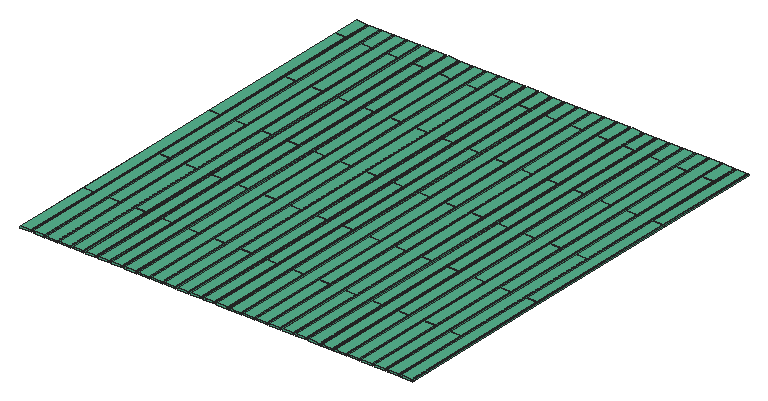
Revit family "2316-2, Veneer", category Generic Models, host Ceiling, Revit 2020
Family settings
  Host = Ceiling
  Can host rebar = No
  Round Connector Dimension = Use Diameter
  Part Type = Normal
  Always vertical = Yes
  Cut with Voids When Loaded = No
  Shared = No
  Room Calculation Point = No
Parameters
  OC SPACING [instance] = .. MEMBER WIDTH + 0' 0 3/4"  # 0' - 6"
  PROJECT WIDTH [instance] = 15' - 0"
  PROJECT LENGTH [instance] = 16' - 0"
  PANELS COUNT 2 [instance] = rounddown((PROJECT LENGTH - .. MEMBER LENGTH 3) / .. MEMBER LENGTH 2)  # 2
  PANELS COUNT [instance] = rounddown(PROJECT LENGTH / .. MEMBER LENGTH 2)  # 2
  MEMBER WIDTH COUNT 2 [instance] = (PROJECT WIDTH / OC SPACING) / 2  # 15
  .. MEMBER WIDTH COUNT [instance] = (PROJECT WIDTH / OC SPACING) / 2  # 15
  .. MEMBER MATERIAL [instance] = 9WOOD WESTERN HEMLOCK
  .. MEMBER LENGTH 4 [instance] = ((PROJECT LENGTH - .. MEMBER LENGTH 3) - (PANELS COUNT 2 * .. MEMBER LENGTH 2))  # 1' - 0"
  .. MEMBER LENGTH 3 [instance] = .. MEMBER LENGTH 2 / 2  # 3' - 0"
  INDENT [instance] = 0' - 0 5/8"
  Default Elevation = 0' - 0"
  .. MEMBER WIDTH [instance] = 0' - 5 1/4"  # constant formula
  .. MEMBER LENGTH 2 [instance] = 6' - 0"
  .. MEMBER LENGTH [instance] = PROJECT LENGTH - (PANELS COUNT * .. MEMBER LENGTH 2)  # 4' - 0"
  .. MEMBER DEPTH [instance] = 0' - 0 3/4"
Reference planes (in)
  plane 1 "Center (Front/Back)": y = 0
  plane 2 "Ceiling": z = 96
  plane 3 "Center (Left/Right)": x = 0
  plane 4: y = 72
  plane 5: y = 144
  plane 6: y = 108
  plane 7: y = 36
  plane 8: y = 192
  plane 9: y = 144
  plane 10: y = 180
  plane 11: x = 180
  plane 12: x = 6
Dimensions and locks (in)
  equal spacing: host sketch curve, plane 3 "Center (Left/Right)", host sketch curve
  equal spacing: host sketch curve, plane 1 "Center (Front/Back)", host sketch curve
  host sketch curve to host sketch curve = 10' - 0"  (x2)
  group 1 to group 2 = 0' - 0"  (x2)
  group 1 to group 2 = 6' - 0"
  ".. MEMBER LENGTH 2": plane 5 to plane 4
  ".. MEMBER LENGTH 2": plane 6 to plane 7
  "PROJECT LENGTH": plane 1 "Center (Front/Back)" to plane 8
  group 3 to group 4 = 0' - 0"  (x2)
  group 3 to group 4 = 6' - 0"
  ".. MEMBER LENGTH 3": plane 1 "Center (Front/Back)" to plane 7
  ".. MEMBER LENGTH 2": plane 1 "Center (Front/Back)" to plane 4
  ".. MEMBER LENGTH": plane 8 to plane 9
  ".. MEMBER LENGTH 4": plane 8 to plane 10
  "PROJECT WIDTH": plane 3 "Center (Left/Right)" to plane 11
  "OC SPACING": plane 3 "Center (Left/Right)" to plane 12
  aligned and locked: plane 1 "Center (Front/Back)" to nested 1
  aligned and locked: nested 2 to plane 4
  aligned and locked: nested 4 to plane 4
  aligned and locked: plane 7 to nested 3
  aligned and locked: plane 6 to nested 3
  aligned and locked: nested 6 to plane 6
  aligned and locked: nested 5 to plane 9
  aligned and locked: nested 7 to plane 10
  aligned and locked: plane 12 to nested 2
  aligned and locked: plane 12 to nested 4
  aligned and locked: plane 12 to nested 5
Nested families (in)
  nested 1: "(COPY 1) 2300 STAGGERED" at (0, 0, 85.44644), .. MEMBER DEPTH <- ".. MEMBER DEPTH", .. MEMBER WIDTH <- ".. MEMBER WIDTH", INDENT <- "INDENT", MEMBER LENGTH <- ".. MEMBER LENGTH 3", REVEAL <- "OC SPACING", MEMBER 1 COUNT <- ".. MEMBER WIDTH COUNT", .. MEMBER MATERIAL <- ".. MEMBER MATERIAL", type "(COPY 1) 2300 STAGGERED"
    with REVEAL X2 1' - 0", REVEAL 0' - 6", MEMBER LENGTH 2 1' - 6", MEMBER LENGTH 3' - 0", MEMBER COUNT 2 5, MEMBER 1 COUNT 15, INDENT 0' - 0 5/8", .. MEMBER WIDTH 0' - 5 1/4", .. MEMBER MATERIAL 9WOOD WESTERN HEMLOCK, .. MEMBER DEPTH 0' - 0 3/4"
  nested 2: "(COPY 1) 2300 STAGGERED" at (6, 0, 85.44644), .. MEMBER DEPTH <- ".. MEMBER DEPTH", .. MEMBER WIDTH <- ".. MEMBER WIDTH", INDENT <- "INDENT", MEMBER LENGTH <- ".. MEMBER LENGTH 2", MEMBER 1 COUNT <- "MEMBER WIDTH COUNT 2", REVEAL <- "OC SPACING", .. MEMBER MATERIAL <- ".. MEMBER MATERIAL", type "(COPY 1) 2300 STAGGERED"
    with REVEAL X2 1' - 0", REVEAL 0' - 6", MEMBER LENGTH 2 3' - 0", MEMBER LENGTH 6' - 0", MEMBER COUNT 2 5, MEMBER 1 COUNT 15, INDENT 0' - 0 5/8", .. MEMBER WIDTH 0' - 5 1/4", .. MEMBER MATERIAL 9WOOD WESTERN HEMLOCK, .. MEMBER DEPTH 0' - 0 3/4"
  nested 3: "(COPY 1) 2300 STAGGERED" at (0, 36, 85.44644), .. MEMBER DEPTH <- ".. MEMBER DEPTH", .. MEMBER WIDTH <- ".. MEMBER WIDTH", INDENT <- "INDENT", MEMBER LENGTH <- ".. MEMBER LENGTH 2", MEMBER 1 COUNT <- ".. MEMBER WIDTH COUNT", REVEAL <- "OC SPACING", .. MEMBER MATERIAL <- ".. MEMBER MATERIAL", type "(COPY 1) 2300 STAGGERED"
    with REVEAL X2 1' - 0", REVEAL 0' - 6", MEMBER LENGTH 2 3' - 0", MEMBER LENGTH 6' - 0", MEMBER COUNT 2 5, MEMBER 1 COUNT 15, INDENT 0' - 0 5/8", .. MEMBER WIDTH 0' - 5 1/4", .. MEMBER MATERIAL 9WOOD WESTERN HEMLOCK, .. MEMBER DEPTH 0' - 0 3/4"
  nested 4: "(COPY 1) 2300 STAGGERED" at (6, 72, 85.44644), .. MEMBER DEPTH <- ".. MEMBER DEPTH", .. MEMBER WIDTH <- ".. MEMBER WIDTH", INDENT <- "INDENT", MEMBER LENGTH <- ".. MEMBER LENGTH 2", MEMBER 1 COUNT <- "MEMBER WIDTH COUNT 2", REVEAL <- "OC SPACING", .. MEMBER MATERIAL <- ".. MEMBER MATERIAL", type "(COPY 1) 2300 STAGGERED"
    with REVEAL X2 1' - 0", REVEAL 0' - 6", MEMBER LENGTH 2 3' - 0", MEMBER LENGTH 6' - 0", MEMBER COUNT 2 5, MEMBER 1 COUNT 15, INDENT 0' - 0 5/8", .. MEMBER WIDTH 0' - 5 1/4", .. MEMBER MATERIAL 9WOOD WESTERN HEMLOCK, .. MEMBER DEPTH 0' - 0 3/4"
  nested 5: "(COPY 1) 2300 STAGGERED" at (6, 144, 85.44644), .. MEMBER DEPTH <- ".. MEMBER DEPTH", .. MEMBER WIDTH <- ".. MEMBER WIDTH", INDENT <- "INDENT", MEMBER LENGTH <- ".. MEMBER LENGTH", REVEAL <- "OC SPACING", MEMBER 1 COUNT <- "MEMBER WIDTH COUNT 2", .. MEMBER MATERIAL <- ".. MEMBER MATERIAL", type "(COPY 1) 2300 STAGGERED"
    with REVEAL X2 1' - 0", REVEAL 0' - 6", MEMBER LENGTH 2 2' - 0", MEMBER LENGTH 4' - 0", MEMBER COUNT 2 5, MEMBER 1 COUNT 15, INDENT 0' - 0 5/8", .. MEMBER WIDTH 0' - 5 1/4", .. MEMBER MATERIAL 9WOOD WESTERN HEMLOCK, .. MEMBER DEPTH 0' - 0 3/4"
  nested 6: "(COPY 1) 2300 STAGGERED" at (0, 108, 85.44644), .. MEMBER DEPTH <- ".. MEMBER DEPTH", .. MEMBER WIDTH <- ".. MEMBER WIDTH", INDENT <- "INDENT", MEMBER LENGTH <- ".. MEMBER LENGTH 2", MEMBER 1 COUNT <- ".. MEMBER WIDTH COUNT", REVEAL <- "OC SPACING", .. MEMBER MATERIAL <- ".. MEMBER MATERIAL", type "(COPY 1) 2300 STAGGERED"
    with REVEAL X2 1' - 0", REVEAL 0' - 6", MEMBER LENGTH 2 3' - 0", MEMBER LENGTH 6' - 0", MEMBER COUNT 2 5, MEMBER 1 COUNT 15, INDENT 0' - 0 5/8", .. MEMBER WIDTH 0' - 5 1/4", .. MEMBER MATERIAL 9WOOD WESTERN HEMLOCK, .. MEMBER DEPTH 0' - 0 3/4"
  nested 7: "(COPY 1) 2300 STAGGERED" at (0, 180, 85.44644), .. MEMBER DEPTH <- ".. MEMBER DEPTH", .. MEMBER WIDTH <- ".. MEMBER WIDTH", INDENT <- "INDENT", MEMBER LENGTH <- ".. MEMBER LENGTH 4", REVEAL <- "OC SPACING", MEMBER 1 COUNT <- ".. MEMBER WIDTH COUNT", .. MEMBER MATERIAL <- ".. MEMBER MATERIAL", type "(COPY 1) 2300 STAGGERED"
    with REVEAL X2 1' - 0", REVEAL 0' - 6", MEMBER LENGTH 2 0' - 6", MEMBER LENGTH 1' - 0", MEMBER COUNT 2 3, MEMBER 1 COUNT 15, INDENT 0' - 0 5/8", .. MEMBER WIDTH 0' - 5 1/4", .. MEMBER MATERIAL 9WOOD WESTERN HEMLOCK, .. MEMBER DEPTH 0' - 0 3/4"
Definition of nested family "(COPY 1) 2300 STAGGERED"
  Parameters (values of type "(COPY 1) 2300 STAGGERED")
    REVEAL X2 [instance] = REVEAL * 2  # 0' - 8"
    REVEAL [instance] = 0' - 4"
    MEMBER LENGTH 2 [instance] = MEMBER LENGTH / 2  # 3' - 0"
    MEMBER LENGTH [instance] = 6' - 0"
    MEMBER COUNT 2 [instance] = 5
    MEMBER 1 COUNT [instance] = 5
    INDENT [instance] = 0' - 0 5/8"
    Default Elevation = 0' - 0"
    .. MEMBER WIDTH [instance] = 0' - 3 1/4"
    .. MEMBER MATERIAL [instance] = none
    .. MEMBER DEPTH [instance] = 0' - 0 3/4"
  Reference planes (in)
    plane 1 "Center (Front/Back)": y = 0
    plane 2: z = 0
    plane 3 "Center (Left/Right)": x = 0
    plane 4: x = 8
    plane 5: x = 4
    plane 6: x = 12
  Dimensions and locks (in)
    equal spacing: group 1, group 2, group 3, group 4, group 5  (x3)
    "REVEAL X2": plane 3 "Center (Left/Right)" to plane 4
    "REVEAL": plane 3 "Center (Left/Right)" to plane 5
    "REVEAL X2": plane 5 to plane 6
    aligned and locked: plane 2 to level
    aligned and locked: plane 4 to nested 2
    aligned and locked: plane 1 "Center (Front/Back)" to nested 1
    aligned and locked: plane 1 "Center (Front/Back)" to nested 2
    aligned and locked: nested 2 to plane 4
  Nested families (in)
    nested 1: "2300 DEV" at (0, 0, 0), MEMBER LENGTH <- "MEMBER LENGTH", MEMBER MATERIAL <- ".. MEMBER MATERIAL", MEMBER WIDTH <- ".. MEMBER WIDTH", MEMBER DEPTH <- ".. MEMBER DEPTH", INDENT <- "INDENT", type "2300 DEV"
      with MEMBER WIDTH 0' - 3 1/4", MEMBER MATERIAL none, MEMBER LENGTH 6' - 0", MEMBER DEPTH 0' - 0 3/4", INDENT 0' - 0 5/8"
    nested 2: "2300 DEV" at (8, 0, 0), MEMBER LENGTH <- "MEMBER LENGTH", MEMBER MATERIAL <- ".. MEMBER MATERIAL", MEMBER WIDTH <- ".. MEMBER WIDTH", MEMBER DEPTH <- ".. MEMBER DEPTH", INDENT <- "INDENT", type "2300 DEV"
      with MEMBER WIDTH 0' - 3 1/4", MEMBER MATERIAL none, MEMBER LENGTH 6' - 0", MEMBER DEPTH 0' - 0 3/4", INDENT 0' - 0 5/8"
    nested 3: "2300 DEV" at (16, 0, 0), MEMBER LENGTH <- "MEMBER LENGTH", MEMBER MATERIAL <- ".. MEMBER MATERIAL", MEMBER WIDTH <- ".. MEMBER WIDTH", MEMBER DEPTH <- ".. MEMBER DEPTH", INDENT <- "INDENT", type "2300 DEV"
      with MEMBER WIDTH 0' - 3 1/4", MEMBER MATERIAL none, MEMBER LENGTH 6' - 0", MEMBER DEPTH 0' - 0 3/4", INDENT 0' - 0 5/8"
    nested 4: "2300 DEV" at (24, 0, 0), MEMBER LENGTH <- "MEMBER LENGTH", MEMBER MATERIAL <- ".. MEMBER MATERIAL", MEMBER WIDTH <- ".. MEMBER WIDTH", MEMBER DEPTH <- ".. MEMBER DEPTH", INDENT <- "INDENT", type "2300 DEV"
      with MEMBER WIDTH 0' - 3 1/4", MEMBER MATERIAL none, MEMBER LENGTH 6' - 0", MEMBER DEPTH 0' - 0 3/4", INDENT 0' - 0 5/8"
    nested 5: "2300 DEV" at (32, 0, 0), MEMBER LENGTH <- "MEMBER LENGTH", MEMBER MATERIAL <- ".. MEMBER MATERIAL", MEMBER WIDTH <- ".. MEMBER WIDTH", MEMBER DEPTH <- ".. MEMBER DEPTH", INDENT <- "INDENT", type "2300 DEV"
      with MEMBER WIDTH 0' - 3 1/4", MEMBER MATERIAL none, MEMBER LENGTH 6' - 0", MEMBER DEPTH 0' - 0 3/4", INDENT 0' - 0 5/8"
  Definition of nested family "2300 DEV"
    Parameters (values of type "2300 DEV")
      MEMBER WIDTH [instance] = 0' - 2 1/4"
      MEMBER MATERIAL [instance] = none
      MEMBER LENGTH [instance] = 2' - 6"
      MEMBER DEPTH [instance] = 0' - 0 5/8"
      INDENT [instance] = 0' - 0 5/8"
      Default Elevation = 0' - 0"
    Reference planes (in)
      plane 1 "Center (Front/Back)": y = 0
      plane 2: z = 10.55356
      plane 3 "Center (Left/Right)": x = 0
      plane 4: x = 2.25
      plane 5: x = 1.625
      plane 6: x = 0.625
      plane 7: z = 9.92856
      plane 8: x = 0.25
      plane 9: x = 2
      plane 10: y = 30
    Forms (in)
      Extrusion 1, void, not visible
        sketch origin (-0.375, 0, 0) x (1, 0, 0) y (0, 0, 1)
          loop
            line (4.125, 11.30356) -> (4.125, 11.17856) -> (4.0625, 11.11606) -> (3.75, 11.11606) -> (3.75, 10.92856) -> (4.25, 10.92856) -> (4.65478, 10.92856) -> (4.65478, 11.30356) -> (4.25, 11.30356) -> (4.125, 11.30356)
        from 0 to 30
      Extrusion 2, void, not visible
        sketch origin (4.5, 0, 0) x (-1, 0, 0) y (0, 0, 1)
          loop
            line (4.5, 11.30356) -> (4.25, 11.30356) -> (4.25, 11.17856) -> (4.1875, 11.11606) -> (3.875, 11.11606) -> (3.875, 10.92856) -> (4.78125, 10.92856) -> (4.78125, 11.30356) -> (4.5, 11.30356)
        from 0 to 30
      Extrusion 3, solid, material <- "MEMBER MATERIAL"
        sketch origin (0, 0, -0.75) x (1, 0, 0) y (0, 0, 1)
          loop
            line (0, 11.30356) -> (0, 10.67856) -> (2.25, 10.67856) -> (2.25, 11.30356) -> (0, 11.30356)
        from 0 to -30
      Extrusion 4, void
        sketch origin (0, 0, 0) x (1, 0, 0) y (0, 0, 1)
          loop
            line (2.53125, 10.55356) -> (2, 10.55356) -> (2, 10.42856) -> (1.9375, 10.36606) -> (1.625, 10.36606) -> (1.625, 10.17856) -> (2.53125, 10.17856) -> (2.53125, 10.55356)
        from 0 to -30
      Extrusion 5, void, not visible
        sketch origin (0, 0, 0) x (1, 0, 0) y (0, 0, 1)
          loop
            line (2.53125, 10.55356) -> (2, 10.55356) -> (2, 10.42856) -> (1.9375, 10.36606) -> (1.625, 10.36606) -> (1.625, 10.17856) -> (2.53125, 10.17856) -> (2.53125, 10.55356)
        from 0 to 12
      Extrusion 6, void
        sketch origin (0, 0, 0) x (1, 0, 0) y (0, 0, 1)
          loop
            line (-0.28125, 10.55356) -> (-0.28125, 10.17856) -> (0.625, 10.17856) -> (0.625, 10.36606) -> (0.3125, 10.36606) -> (0.25, 10.42856) -> (0.25, 10.55356) -> (-0.28125, 10.55356)
        from 0 to -30
    Cuts and joins
      Extrusion 4, Extrusion 6 cuts Extrusion 3
    Lines and regions (in)
      model lines, not visible
        curve 1: line (9.45582, 0, 10.55356) -> (14.70582, 0, 10.55356)
        curve 2: line (14.70582, 0, 10.55356) -> (14.70582, 0, 10.92856)
        curve 3: line (14.70582, 0, 10.92856) -> (14.20582, 0, 10.92856)
        curve 4: line (14.20582, 0, 10.92856) -> (14.20582, 0, 11.11606)
        curve 5: line (14.20582, 0, 11.11606) -> (14.51832, 0, 11.11606)
        curve 6: line (14.58082, 0, 11.30356) -> (14.58082, 0, 11.17856)
        curve 7: line (14.58082, 0, 11.17856) -> (14.51832, 0, 11.11606)
        curve 8: line (14.58082, 0, 11.30356) -> (9.58082, 0, 11.30356)
        curve 9: line (9.45582, 0, 10.55356) -> (9.45582, 0, 10.92856)
        curve 10: line (9.45582, 0, 10.92856) -> (9.95582, 0, 10.92856)
        curve 11: line (9.95582, 0, 10.92856) -> (9.95582, 0, 11.11606)
        curve 12: line (9.95582, 0, 11.11606) -> (9.64332, 0, 11.11606)
        curve 13: line (9.58082, 0, 11.30356) -> (9.58082, 0, 11.17856)
        curve 14: line (9.58082, 0, 11.17856) -> (9.64332, 0, 11.11606)
        curve 15: line (5.25, 0, 10.55356) -> (5.25, 0, 10.92856)
        curve 16: line (5.25, 0, 10.92856) -> (4.75, 0, 10.92856)
        curve 17: line (4.75, 0, 10.92856) -> (4.75, 0, 11.11606)
        curve 18: line (4.75, 0, 11.11606) -> (5.0625, 0, 11.11606)
        curve 19: line (5.125, 0, 11.30356) -> (5.125, 0, 11.17856)
        curve 20: line (5.125, 0, 11.17856) -> (5.0625, 0, 11.11606)
    Dimensions and locks (in)
      "MEMBER WIDTH": plane 3 "Center (Left/Right)" to plane 4
      "INDENT": plane 4 to plane 5
      "INDENT": plane 6 to plane 3 "Center (Left/Right)"
      "MEMBER DEPTH": plane 7 to level
      locked: plane 5 to plane 9 at 0.375
      locked: plane 8 to plane 6 at 0.375
      "MEMBER LENGTH": plane 1 "Center (Front/Back)" to plane 10
      aligned and locked: plane 2 to level
      aligned and locked: Extrusion 3 sketch curve to plane 4
      aligned and locked: plane 7 to Extrusion 3
      aligned and locked: level to Extrusion 3
      aligned and locked: Extrusion 3 to plane 1 "Center (Front/Back)"
      aligned and locked: cut or joined group of Extrusion 3, Extrusion 4, Extrusion 6 to plane 5
      aligned and locked: plane 6 to cut or joined group of Extrusion 3, Extrusion 4, Extrusion 6
      aligned and locked: plane 1 "Center (Front/Back)" to cut or joined group of Extrusion 3, Extrusion 4, Extrusion 6
      aligned and locked: plane 9 to cut or joined group of Extrusion 3, Extrusion 4, Extrusion 6
      aligned and locked: plane 8 to cut or joined group of Extrusion 3, Extrusion 4, Extrusion 6
      aligned and locked: plane 10 to cut or joined group of Extrusion 3, Extrusion 4, Extrusion 6
      aligned and locked: plane 10 to Extrusion 4
      aligned and locked: plane 10 to Extrusion 6
    Automatic sketch dimensions
      Extrusion 1 sketch curve to Extrusion 1 sketch curve = 0' - 0 1/16"  (x2)
      Extrusion 1 sketch curve to Extrusion 1 sketch curve = 0' - 0.40478"
      Extrusion 1 sketch curve to Extrusion 1 sketch curve = 0' - 0 3/16"  (x2)
      Extrusion 1 sketch curve to Extrusion 1 sketch curve = 0' - 0 1/8"  (x2)
      Extrusion 1 sketch curve to Extrusion 1 sketch curve = 0' - 0 5/16"
      Extrusion 2 sketch curve to Extrusion 2 sketch curve = 0' - 0 3/16"  (x2)
      Extrusion 2 sketch curve to Extrusion 2 sketch curve = 0' - 0 1/16"  (x2)
      Extrusion 2 sketch curve to Extrusion 2 sketch curve = 0' - 0 9/32"
      Extrusion 2 sketch curve to Extrusion 2 sketch curve = 0' - 0 1/4"
      Extrusion 2 sketch curve to Extrusion 2 sketch curve = 0' - 0 5/16"
      Extrusion 4 sketch curve to Extrusion 4 sketch curve = 0' - 0 5/16"
      Extrusion 4 sketch curve to Extrusion 4 sketch curve = 0' - 0 1/16"  (x2)
      Extrusion 4 sketch curve to Extrusion 4 sketch curve = 0' - 0 3/16"
      Extrusion 4 sketch curve to Extrusion 4 sketch curve = 0' - 0 17/32"
      Extrusion 4 sketch curve to Extrusion 4 sketch curve = 0' - 0 3/8"
      Extrusion 5 sketch curve to Extrusion 5 sketch curve = 0' - 0 5/16"
      Extrusion 5 sketch curve to Extrusion 5 sketch curve = 0' - 0 1/16"  (x2)
      Extrusion 5 sketch curve to Extrusion 5 sketch curve = 0' - 0 3/16"
      Extrusion 5 sketch curve to Extrusion 5 sketch curve = 0' - 0 17/32"
      Extrusion 5 sketch curve to Extrusion 5 sketch curve = 0' - 0 3/8"
      Extrusion 6 sketch curve to Extrusion 6 sketch curve = 0' - 0 5/16"
      Extrusion 6 sketch curve to Extrusion 6 sketch curve = 0' - 0 1/16"  (x2)
      Extrusion 6 sketch curve to Extrusion 6 sketch curve = 0' - 0 3/16"
      Extrusion 6 sketch curve to Extrusion 6 sketch curve = 0' - 0 17/32"
      Extrusion 6 sketch curve to Extrusion 6 sketch curve = 0' - 0 3/8"
      Extrusion 3 sketch curve to plane 3 "Center (Left/Right)" = 0' - 0"
      Extrusion 3 sketch curve to plane 7 = 0' - 0"
      Extrusion 3 sketch curve to level = 0' - 0"
      Extrusion 4 sketch curve to plane 5 = 0' - 0"
      Extrusion 4 sketch curve to level = 0' - 0"
      Extrusion 6 sketch curve to level = 0' - 0"
      Extrusion 6 sketch curve to plane 6 = 0' - 0"
